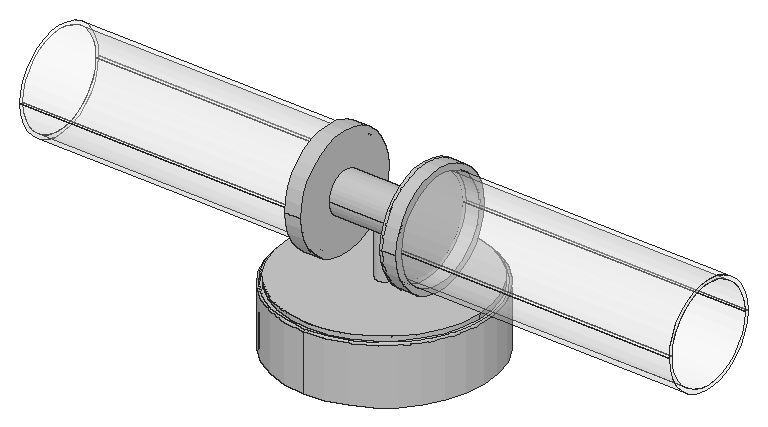
Revit family "2-5155-124 Pebble", category Lighting Fixtures, Revit 2014
Parameters
  Wattage = 12.993 W
  built-in parameter 1150110 = 1 (stored number, unit not read)
  URL = "http://www.oxygenlighting.com"
  Type Comments = "Lighting - Fuoresccent"
  built-in parameter 1114217 = 1 (stored number, unit not read)
  Tilt Angle = 0.00°
  built-in parameter 1150109 = 1 (stored number, unit not read)
  built-in parameter 1150134 = (empty or 0)
  built-in parameter 1150113 = 1 (stored number, unit not read)
  Product Documentation Link = "http://oxygenlighting.com.s3.amazonaws.com/downloads/cutsheets/2-5122-1xx.pdf"
  Power Factor = "0.99"
  Photometric Web File = "2-5155-124 Pebble ITL77191.IES"
  Model = "2-5155-124"
  Metal Finsih = Satin Nickel
  Manufacturer = "Oxygen Lighting"
  Lumens = 1930 lm
  built-in parameter 1150115 = 1 (stored number, unit not read)
  built-in parameter 1150105 = 153.58 (stored number, unit not read)
  built-in parameter 1150137 = (empty or 0)
  built-in parameter 1150139 = (empty or 0)
  built-in parameter 1150112 = 1 (stored number, unit not read)
  Lamp Manufacturer = "Sylvania"
  built-in parameter 1150114 = 1 (stored number, unit not read)
  Lamp = "2x18W Double Twin Tube Compact Fluorescents CF18DD/E/830"
  Junction Box = "4\" Octogonal"
  Input Voltage = "120 V"
  Input Power = "35.8 W"
  Input Current = ""
  built-in parameter 1150132 = 2
  built-in parameter 1150102 = (empty or 0)
  built-in parameter 1150138 = (empty or 0)
  built-in parameter 1150107 = 3000 (stored number, unit not read)
  built-in parameter 1150106 = 1.5358 (stored number, unit not read)
  Fixture Length = 1' - 8.015"
  Fixture Height = 0' - 6.17224"
  Emit from Rectangle Width = 2' - 0"
  Emit from Rectangle Length = 4' - 0"
  Emit Shape Visible in Rendering = no
  built-in parameter 1150104 = 13.8 (stored number, unit not read)
  Dimming Lamp Color Temperature Shift = <None>
  Diffuser = Opal White Glass
  Description = "20\" Vanity"
  Default Elevation = 4' - 0"
  Color Filter = 16777215
  Ballast Manufacturer = "Antron Electronics CSD-UV18P"
  built-in parameter 1114218 = 1 (stored number, unit not read)
  built-in parameter 1150133 = 10 (stored number, unit not read)
  Apparent Load = 35.8 VA
Reference planes (in)
  plane 1 "Light Source Axis (F/B)": y = 0
  plane 2: z = 0
  plane 3 "Light Source Axis (L/R)": x = 0
  plane 4 "Light Source Elevation": z = 5.5
  plane 5: y = 3.08564
  plane 6: y = -3.0866
  plane 7: x = -10.0075
  plane 8: x = 10.0075
  plane 9: x = -0.25
  plane 10: x = 0.25
Forms (in)
  Revolve 1, solid, material "Satin Nickel" <- "Metal Finsih"
    sketch origin (0, 0, 0) x (0, 1, 0) y (0, 0, 1)
      loop
        line (3.08586, 0) -> (3.08586, 1.71393)
        arc (3.08586, 1.71393) -> (3.07126, 1.74918) -> (3.03601, 1.76379) r 0.04985
        line (3.03601, 1.76379) -> (0, 1.76379) -> (0, 1.70136) -> (3.02362, 1.70136) -> (3.02362, 0) -> (3.08586, 0)
      axis (0, 1.76379) -> (0, 0)
    angle from 0 to 360
  Extrusion 2, solid, material "Satin Nickel" <- "Metal Finsih"
    sketch origin (0, 0, 0) x (1, 0, 0) y (0, 1, 0)
      loop
        circle (0, 0) r 2.94713
    from 1.76386 to 1.88886
  Extrusion 3, solid, material "Satin Nickel" <- "Metal Finsih"
    sketch origin (0, 0, 0) x (0, 1, 0) y (0, 0, 1)
      loop
        circle (0, 3.79807) r 1.69059
      loop
        circle (0, 3.79807) r 1.51821
    from 1.21875 to 1.71875
  Extrusion 4, solid, material "Satin Nickel" <- "Metal Finsih"
    sketch origin (0, 0, 0) x (0, 1, 0) y (0, 0, -1)
      loop
        circle (0, -3.79807) r 1.69059
      loop
        circle (0, -3.79807) r 1.51821
    from 1.21875 to 1.71875
  Extrusion 5, solid, material "Satin Nickel" <- "Metal Finsih"
    sketch origin (0, 0, 0) x (0, 1, 0) y (0, 0, 1)
      loop
        circle (0, 3.79807) r 1.69059
    from 1.21875 to 1.28875
  Extrusion 6, solid, material "Satin Nickel" <- "Metal Finsih"
    sketch origin (0, 0, 0) x (0, 1, 0) y (0, 0, -1)
      loop
        circle (0, -3.79807) r 1.69059
    from 1.21875 to 1.28875
  Extrusion 7, solid, material "Opal White Glass" <- "Diffuser"
    sketch origin (0, 0, 0) x (0, 1, 0) y (0, 0, 1)
      loop
        circle (0, 3.79807) r 1.51821
      loop
        circle (0, 3.80136) r 1.405
    from 1.28875 to 10.0075
  Extrusion 8, solid, material "Opal White Glass" <- "Diffuser"
    sketch origin (0, 0, 0) x (0, 1, 0) y (0, 0, -1)
      loop
        circle (0, -3.79807) r 1.51821
      loop
        circle (0, -3.80136) r 1.405
    from 1.28875 to 10.0075
  Extrusion 9, solid, material "Satin Nickel" <- "Metal Finsih"
    sketch origin (0, 0, 0) x (0, 1, 0) y (0, 0, 1)
      loop
        circle (0, 3.80136) r 0.625
    from -1.21875 to 1.21875
  Extrusion 10, solid, material "Satin Nickel" <- "Metal Finsih"
    sketch origin (0, 0, 0) x (1, 0, 0) y (0, 1, 0)
      loop
        circle (0, 0) r 0.25
    from 1.76386 to 3.22854
  Revolve 11, solid, material "Satin Nickel" <- "Metal Finsih", not visible
    sketch origin (0, 0, 0) x (0, 1, 0) y (0, 0, 1)
      loop
        line (3.08586, 0) -> (3.08586, 1.71393)
        arc (3.08586, 1.71393) -> (3.07126, 1.74918) -> (3.03601, 1.76379) r 0.04985
        line (3.03601, 1.76379) -> (0, 1.76379) -> (0, 1.70136) -> (3.02362, 1.70136) -> (3.02362, 0) -> (3.08586, 0)
      axis (0, 1.76379) -> (0, 0)
    angle from 0 to 360
  Extrusion 12, solid, material "Satin Nickel" <- "Metal Finsih", not visible
    sketch origin (0, 0, 0) x (1, 0, 0) y (0, 1, 0)
      loop
        circle (0, 0) r 2.94713
    from 1.76386 to 1.88886
  Extrusion 13, solid, material "Satin Nickel" <- "Metal Finsih", not visible
    sketch origin (0, 0, 0) x (0, 1, 0) y (0, 0, 1)
      loop
        circle (0, 3.79807) r 1.69059
      loop
        circle (0, 3.79807) r 1.51821
    from 1.21875 to 1.71875
  Extrusion 14, solid, material "Satin Nickel" <- "Metal Finsih", not visible
    sketch origin (0, 0, 0) x (0, 1, 0) y (0, 0, -1)
      loop
        circle (0, -3.79807) r 1.69059
      loop
        circle (0, -3.79807) r 1.51821
    from 1.21875 to 1.71875
  Extrusion 15, solid, material "Satin Nickel" <- "Metal Finsih", not visible
    sketch origin (0, 0, 0) x (0, 1, 0) y (0, 0, 1)
      loop
        circle (0, 3.79807) r 1.69059
    from 1.21875 to 1.28875
  Extrusion 16, solid, material "Satin Nickel" <- "Metal Finsih", not visible
    sketch origin (0, 0, 0) x (0, 1, 0) y (0, 0, -1)
      loop
        circle (0, -3.79807) r 1.69059
    from 1.21875 to 1.28875
  Extrusion 17, solid, material "Opal White Glass" <- "Diffuser", not visible
    sketch origin (0, 0, 0) x (0, 1, 0) y (0, 0, 1)
      loop
        circle (0, 3.79807) r 1.51821
      loop
        circle (0, 3.80136) r 1.405
    from 1.28875 to 10.0075
  Extrusion 18, solid, material "Opal White Glass" <- "Diffuser", not visible
    sketch origin (0, 0, 0) x (0, 1, 0) y (0, 0, -1)
      loop
        circle (0, -3.79807) r 1.51821
      loop
        circle (0, -3.80136) r 1.405
    from 1.28875 to 10.0075
  Extrusion 19, solid, material "Satin Nickel" <- "Metal Finsih", not visible
    sketch origin (0, 0, 0) x (0, 1, 0) y (0, 0, 1)
      loop
        circle (0, 3.80136) r 0.625
    from -1.21875 to 1.21875
  Extrusion 20, solid, material "Satin Nickel" <- "Metal Finsih", not visible
    sketch origin (0, 0, 0) x (1, 0, 0) y (0, 1, 0)
      loop
        circle (0, 0) r 0.25
    from 1.76386 to 3.22854
Cuts and joins
  joined: Extrusion 4, Extrusion 6
  joined: Extrusion 3, Extrusion 5
Dimensions and locks (in)
  "Fixture Height": plane 5 to plane 6
  "Fixture Length": plane 7 to plane 8
  equal spacing: plane 7, plane 3 "Light Source Axis (L/R)", plane 8, locked at 10.0075 each
  aligned and locked: plane 3 "Light Source Axis (L/R)" to imposter light
  aligned and locked: plane 1 "Light Source Axis (F/B)" to imposter light
  aligned and locked: plane 4 "Light Source Elevation" to imposter light
  aligned and locked: level to plane 2
Automatic sketch dimensions
  Revolve 1 sketch curve to Revolve 1 sketch curve = 0' - 0.01257"
  Revolve 1 sketch curve to Revolve 1 sketch curve = 0' - 1.18577"
  Extrusion 7 sketch curve to Extrusion 7 sketch curve = 0' - 0.00328"
  Extrusion 7 sketch curve to Extrusion 7 sketch curve = 0' - 1.51821"
  Extrusion 8 sketch curve to Extrusion 8 sketch curve = 0' - 0.00328"
  Extrusion 8 sketch curve to Extrusion 8 sketch curve = 0' - 1.51821"
  Revolve 1 sketch curve to Revolve 1 sketch curve = 0' - 3.02362"
  Revolve 1 sketch curve to Revolve 1 sketch curve = 0' - 0.01239"
  Revolve 1 sketch curve to Revolve 1 sketch curve = 0' - 0.06224"
  Revolve 1 sketch curve to Revolve 1 sketch curve = 0' - 1.70136"
  Revolve 1 sketch curve to Revolve 1 sketch curve = 0' - 0"
  Revolve 1 sketch curve to Revolve 1 sketch curve = 0' - 0.91064"
  Extrusion 3 sketch curve to Extrusion 3 sketch curve = 0' - 0"  (x4)
  Extrusion 4 sketch curve to Extrusion 4 sketch curve = 0' - 0"  (x4)
  Extrusion 5 sketch curve to Extrusion 5 sketch curve = 0' - 1.69059"
  Extrusion 6 sketch curve to Extrusion 6 sketch curve = 0' - 1.69059"
  Extrusion 7 sketch curve to Extrusion 7 sketch curve = 0' - 0"  (x3)
  Extrusion 8 sketch curve to Extrusion 8 sketch curve = 0' - 0"  (x3)
  Revolve 11 sketch curve to Revolve 11 sketch curve = 0' - 0.01257"
  Revolve 11 sketch curve to Revolve 11 sketch curve = 0' - 1.18577"
  Extrusion 17 sketch curve to Extrusion 17 sketch curve = 0' - 0.00328"
  Extrusion 17 sketch curve to Extrusion 17 sketch curve = 0' - 1.51821"
  Extrusion 18 sketch curve to Extrusion 18 sketch curve = 0' - 0.00328"
  Extrusion 18 sketch curve to Extrusion 18 sketch curve = 0' - 1.51821"
  Revolve 11 sketch curve to Revolve 11 sketch curve = 0' - 3.02362"
  Revolve 11 sketch curve to Revolve 11 sketch curve = 0' - 0.01239"
  Revolve 11 sketch curve to Revolve 11 sketch curve = 0' - 0.06224"
  Revolve 11 sketch curve to Revolve 11 sketch curve = 0' - 1.70136"
  Revolve 11 sketch curve to Revolve 11 sketch curve = 0' - 0"
  Revolve 11 sketch curve to Revolve 11 sketch curve = 0' - 0.91064"
  Extrusion 13 sketch curve to Extrusion 13 sketch curve = 0' - 0"  (x4)
  Extrusion 14 sketch curve to Extrusion 14 sketch curve = 0' - 0"  (x4)
  Extrusion 15 sketch curve to Extrusion 15 sketch curve = 0' - 1.69059"
  Extrusion 16 sketch curve to Extrusion 16 sketch curve = 0' - 1.69059"
  Extrusion 17 sketch curve to Extrusion 17 sketch curve = 0' - 0"  (x3)
  Extrusion 18 sketch curve to Extrusion 18 sketch curve = 0' - 0"  (x3)
  Extrusion 5 sketch curve to Extrusion 5 sketch curve = 0' - 0"  (x2)
  Extrusion 6 sketch curve to Extrusion 6 sketch curve = 0' - 0"  (x2)
  Extrusion 15 sketch curve to Extrusion 15 sketch curve = 0' - 0"  (x2)
  Extrusion 16 sketch curve to Extrusion 16 sketch curve = 0' - 0"  (x2)
  radius of Extrusion 2 sketch curve = 0' - 2.94713"
  radius of Extrusion 3 sketch curve = 0' - 1.69059"
  radius of Extrusion 3 sketch curve = 0' - 1.51821"
  radius of Extrusion 4 sketch curve = 0' - 1.69059"
  radius of Extrusion 4 sketch curve = 0' - 1.51821"
  radius of Extrusion 7 sketch curve = 0' - 1.405"
  radius of Extrusion 8 sketch curve = 0' - 1.405"
  radius of Extrusion 10 sketch curve = 0' - 0 1/4"
  radius of Extrusion 9 sketch curve = 0' - 0 5/8"
  radius of Extrusion 12 sketch curve = 0' - 2.94713"
  radius of Extrusion 13 sketch curve = 0' - 1.69059"
  radius of Extrusion 13 sketch curve = 0' - 1.51821"
  radius of Extrusion 14 sketch curve = 0' - 1.69059"
  radius of Extrusion 14 sketch curve = 0' - 1.51821"
  radius of Extrusion 17 sketch curve = 0' - 1.405"
  radius of Extrusion 18 sketch curve = 0' - 1.405"
  radius of Extrusion 20 sketch curve = 0' - 0 1/4"
  radius of Extrusion 19 sketch curve = 0' - 0 5/8"
